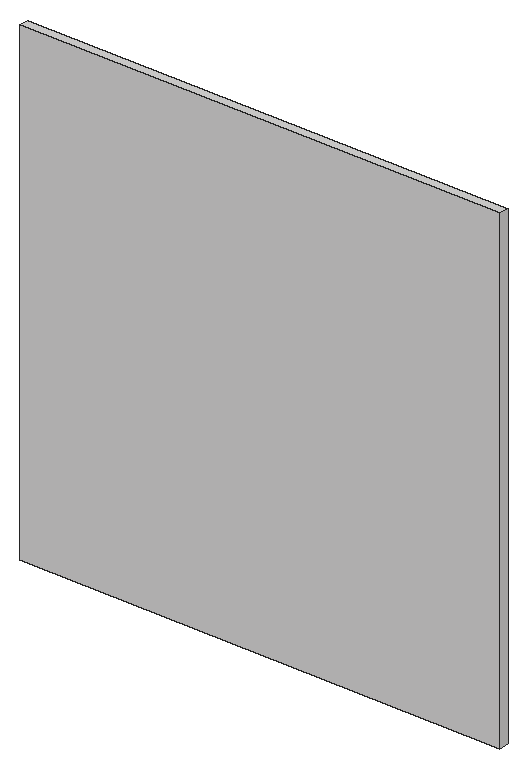
Revit family "PISO PARED HEXAGONO MARDEN AZUL CU_266121151", category Modelos genéricos, Revit 2024
Family settings
  Puede alojar armadura = No
  Cota de conector redondo = Usar diámetro
  Tipo de pieza = Normal
  Se basa en plano de trabajo = No
  Siempre vertical = Sí
  Corte con vacíos al cargar = No
  Mantener orientación de anotación = No
  Compartido = No
  Punto de cálculo de habitación = No
Parameters
  Elevación por defecto = 0 mm
Reference planes
  plane 1 "Center (Front/Back)": y = 0
  plane 2: z = 0
  plane 3 "Center (Left/Right)": x = 0
Forms (mm)
  Extrusion 1, solid, material "Analytical Panels"
    sketch origin (0, 0, 0) x (1, 0, 0) y (0, 1, 0)
      loop
        line (-1366.384, -136.448) -> (-1366.384, -194.576) -> (1633.616, -194.576) -> (1633.616, -136.448) -> (-1366.384, -136.448)
    from 0 to 3000
Dimensions and locks
  Extrusion 1 sketch curve to Extrusion 1 sketch curve = 58.128 mm
  Extrusion 1 to Extrusion 1 = 3000 mm  (x2)
  aligned and locked: level to plane 2
